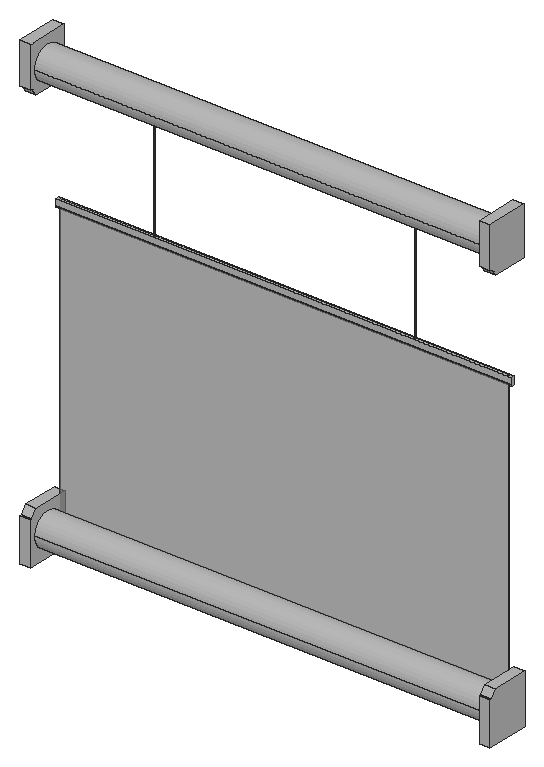
Revit family "Window_Shade-Draper-Bottom-Up_FlexShade", category Specialty Equipment, Revit 2026
Family settings
  Round Connector Dimension = Use Diameter
  Part Type = Normal
  Classification Number = 23.30.20.11
  Work Plane-Based = No
  Enable Cutting in Views = No
  Always vertical = Yes
  Cut with Voids When Loaded = No
  Maintain Annotation Orientation = No
  Shared = No
  Room Calculation Point = No
Parameters (values of type "Motorized")
  XD Clutch = no
  Width Constraint [instance] = if(Width > 12' 0", 12' 0", Width)  # 3' - 0"
  Width [instance] = 3' - 0"
  URL = "http://www.draperinc.com/index.asp"
  Top Square Fascia [instance] = yes
  Top Radius Fascia [instance] = if(or(Top Square Fascia, Top Pocket Headbox), 1 = 0, 1 = 1)  # no
  Top Brackets [instance] = yes
  Default Elevation = 0' - 0"
  CT Square Fascia [instance] = if(or(Top Brackets, Motorized Dual Roller), 1 = 0, Top Square Fascia)  # no
  CT Radius Fascia [instance] = if(or(Top Brackets, Motorized Dual Roller), 1 = 0, Top Radius Fascia)  # no
  CB Square Fascia [instance] = if(Bottom Brackets, 1 = 0, Bottom Square Fascia)  # no
  CB Radius Fascia [instance] = if(Bottom Brackets, 1 = 0, Bottom Radius Fascia)  # no
  Brackets = if(or(XD Clutch, Motorized), 1 = 1, 1 = 0)  # yes
  Single Roller [instance] = if(or(Motorized, XD Clutch), 1 = 1, 1 = 0)  # yes
  Top Pocket Headbox [instance] = yes
  CT Pocket Headbox [instance] = if(or(Top Square Fascia, Top Radius Fascia, Top Brackets, Motorized Dual Roller), 1 = 0, Top Pocket Headbox)  # no
  Bottom Square Fascia [instance] = yes
  Small Hardware [instance] = yes
  Bottom Radius Fascia [instance] = not(Bottom Square Fascia)  # no
  Motorized Dual Roller = no
  Motorized = yes
  Large Hardware [instance] = not(Small Hardware)  # no
  Height of Screen [instance] = 2' - 0"
  Depth = 0' - 0"
  Custom Sizes = "Custom Sizes are availabe in many shade fabrics dpending on the roller diameter."  # constant formula
  Continuous Chain = Metal - Draper - Black
  Cloth Width [instance] = Width Constraint - 0' 1 5/8"  # 2' - 10 3/8"
  Casing = Metal - Draper - Clear Anodized
  Product Page URL = "www.draperinc.com/go/BottomUp.htm"
  Product Name = "Bottom-Up FlexShade"  # constant formula
  Model = "FlexShade"  # constant formula
  Material = ""
  Manufacturer = "Draper"  # constant formula
  Shade Fabric = Fabric - Draper - Screen
  Fascia Height [instance] = if(Motorized Dual Roller, 0' 7", if(Small Hardware, 0' 3 15/16", 0' 4 11/16"))  # 0' - 3 15/16"
  Fascia Depth [instance] = if(Motorized Dual Roller, 0' 4 3/4", if(Small Hardware, 0' 3 7/16", 0' 4 11/16"))  # 0' - 3 7/16"
  Height Constraint [instance] = if(Height > 12' 0", 12' 0", Height)  # 3' - 0"
  Height [instance] = 3' - 0"
  Description = "Interior Window Shade"  # constant formula
  C Radius Fascia [instance] = if(Small Hardware, Bottom Radius Fascia, 1 = 0)  # no
  C Height of Screen [instance] = if(Height of Screen < 0' 2 5/8", 0' 2 5/8", if(Height of Screen > Height - 0' 2 5/8", Height - 0' 2 5/8", Height of Screen))  # 2' - 0"
  Pulleys [instance] = if(Motorized Dual Roller, 1 = 1, 1 = 0)  # no
  Bottom Brackets [instance] = yes
Types (4): name | XD Clutch | Brackets | Single Roller | Top Pocket Headbox | Small Hardware | Motorized Dual Roller | Motorized | Large Hardware | Product Page URL | Fascia Height | Fascia Depth | Pulleys
  (no name) | no | yes | yes | yes | yes | no | yes | no | "www.draperinc.com/go/BottomUp.htm" | 0' - 3 15/16" | 0' - 3 7/16" | no
  XD Clutch | yes | yes | yes | no | yes | no | no | no | "http://www.draperinc.com/WindowShades/shadeProducts.asp?detail=235" | 0' - 3 15/16" | 0' - 3 7/16" | no
  Motorized | no | yes | yes | yes | yes | no | yes | no | "www.draperinc.com/go/BottomUp.htm" | 0' - 3 15/16" | 0' - 3 7/16" | no
  Motorized Dual Roller | no | no | no | yes | no | yes | no | yes | "http://www.draperinc.com/WindowShades/shadeProducts.asp?detail=235" | 0' - 7" | 0' - 4 3/4" | yes
Reference planes (in)
  plane 1 "Center (Front/Back)": y = 0
  plane 2: z = 0
  plane 3 "Center (Left/Right)": x = 0
  plane 4: x = -18
  plane 5: x = 18
  plane 6: z = 36
  plane 7: z = 3.9375
  plane 8: z = 32.0625
  plane 9 "Front": y = -3.4375
  plane 10: z = 2
  plane 11: z = 34
  plane 12: x = -17.1875
  plane 13: x = 17.1875
  plane 14: z = 24
  plane 15: y = -0.84375
  plane 16: x = -10
  plane 17: x = 10
  plane 18: x = -10.25
  plane 19: x = -9.75
  plane 20: x = 10.25
  plane 21: x = 9.75
  plane 22: x = -17.4375
  plane 23: x = 17.4375
Forms (in)
  Extrusion 1, solid, material "Metal - Draper - Clear Anodized" <- "Casing", visible <- "Brackets"
    sketch origin (0, 0, 0) x (0, 1, 0) y (0, 0, 1)
      loop
        line (-3.3125, 32.73282) -> (-3.14668, 32.73282) -> (-2.76484, 32.1875) -> (-0.125, 32.1875) -> (-0.125, 35.875) -> (-3.3125, 35.875) -> (-3.3125, 32.73282)
    from -18 to -17.1875
  Extrusion 2, solid, material "Metal - Draper - Clear Anodized" <- "Casing", visible <- "CB Square Fascia"
    sketch origin (0, 0, 7) x (0, 1, 0) y (0, 0, 1)
      loop
        line (-3.3125, -7) -> (-3.3125, -3.1875) -> (-2.29167, -3.1875) -> (-2.29167, -3.0625) -> (-3.4375, -3.0625) -> (-3.4375, -7) -> (-3.3125, -7)
    from -18 to 18
  Extrusion 3, solid, material "Metal - Draper - Clear Anodized" <- "Casing", visible <- "CB Radius Fascia"
    sketch origin (0, 0, 7) x (0, 1, 0) y (0, 0, 1)
      loop
        line (-3.3125, -7) -> (-3.3125, -3.73282)
        arc (-3.3125, -3.73282) -> (-3.15278, -3.34722) -> (-2.76718, -3.1875) r 0.54532
        line (-2.76718, -3.1875) -> (-2.29167, -3.1875) -> (-2.29167, -3.0625) -> (-2.76718, -3.0625)
        arc (-2.76718, -3.0625) -> (-3.24117, -3.25883) -> (-3.4375, -3.73282) r 0.67032
        line (-3.4375, -3.73282) -> (-3.4375, -7) -> (-3.3125, -7)
    from -18 to 18
  Extrusion 4, solid, material "Metal - Draper - Clear Anodized" <- "Casing", visible <- "CT Square Fascia"
    sketch origin (0, 0, 29) x (0, 1, 0) y (0, 0, 1)
      loop
        line (-3.3125, 7) -> (-3.4375, 7) -> (-3.4375, 3.0625) -> (-2.29167, 3.0625) -> (-2.29167, 3.1875) -> (-3.3125, 3.1875) -> (-3.3125, 7)
    from -18 to 18
  Extrusion 5, solid, material "Metal - Draper - Clear Anodized" <- "Casing", visible <- "CT Radius Fascia"
    sketch origin (0, 0, 29) x (0, 1, 0) y (0, 0, 1)
      loop
        line (-3.3125, 7) -> (-3.4375, 7) -> (-3.4375, 3.73282)
        arc (-3.4375, 3.73282) -> (-3.24117, 3.25883) -> (-2.76718, 3.0625) r 0.67032
        line (-2.76718, 3.0625) -> (-2.29167, 3.0625) -> (-2.29167, 3.1875) -> (-2.76718, 3.1875)
        arc (-2.76718, 3.1875) -> (-3.15278, 3.34722) -> (-3.3125, 3.73282) r 0.54532
        line (-3.3125, 3.73282) -> (-3.3125, 7)
    from -18 to 18
  Extrusion 6, solid, material "Metal - Draper - Clear Anodized" <- "Casing"
    sketch origin (0, 0, 36) x (0, 1, 0) y (0, 0, 1)
      loop
        line (-3.3125, -32.73282) -> (-3.3125, -36) -> (0, -36) -> (0, -32.1875) -> (-2.76484, -32.1875) -> (-3.14668, -32.73282) -> (-3.3125, -32.73282)
    from -18 to -17.1875
  Extrusion 7, solid, material "Metal - Draper - Clear Anodized" <- "Casing", visible <- "Brackets"
    sketch origin (0, 0, 0) x (0, 1, 0) y (0, 0, 1)
      loop
        line (-0.125, 32.1875) -> (-0.125, 35.875) -> (-3.3125, 35.875) -> (-3.3125, 32.73282) -> (-3.14668, 32.73282) -> (-2.76484, 32.1875) -> (-0.125, 32.1875)
    from 17.1875 to 18
  Extrusion 8, solid, material "Metal - Draper - Clear Anodized" <- "Casing"
    sketch origin (0, 0, 0) x (0, 1, 0) y (0, 0, 1)
      loop
        line (-2.76484, 3.8125) -> (-3.14668, 3.26718) -> (-3.3125, 3.26718) -> (-3.3125, 0) -> (0, 0) -> (0, 3.8125) -> (-2.76484, 3.8125)
    from 17.1875 to 18
  Extrusion 9, solid, material "Metal - Draper - Clear Anodized" <- "Casing"
    sketch origin (0, 0, 29.75) x (0, 1, 0) y (0, 0, 1)
      loop
        circle (-1.71875, -27.75) r 1.25
    from -17.1875 to 17.1875
  Extrusion 10, solid, material "Metal - Draper - Clear Anodized" <- "Casing", visible <- "Single Roller"
    sketch origin (0, 0, 1.68843) x (0, 1, 0) y (0, 0, 1)
      loop
        line (-0.32813, 21.81157) -> (-0.32813, 22.31157) -> (-0.57813, 22.31157) -> (-0.57813, 21.81157)
        arc (-0.57813, 21.81157) -> (-0.45313, 21.68657) -> (-0.32813, 21.81157) r 0.125
    from -17.4375 to 17.4375
  Sweep 11, solid, material "Metal - Draper - Black" <- "Continuous Chain", visible <- "XD Clutch"
    path origin (17.4375, -180, 63.7492) x (0, 0, 1) y (0, -1, 0)
      loop
        line (-31.5617, -179.65625) -> (-56.1867, -179.65625)
        arc (-56.1867, -179.65625) -> (-56.8117, -179.03125) -> (-56.1867, -178.40625) r 0.625
        line (-56.1867, -178.40625) -> (-31.5617, -178.40625)
    profile origin (17.4375, -0.34375, 19.875) x (-1, 0, 0) y (0, -1, 0)
      loop
        circle (0, 0) r 0.03125
  Extrusion 12, solid, material "Fabric - Draper - Screen" <- "Shade Fabric", visible <- "Single Roller"
    sketch origin (0, 0, 0) x (0, 1, 0) y (0, 0, 1)
      loop
        line (-0.46875, 2) -> (-0.4375, 2) -> (-0.4375, 24) -> (-0.46875, 24) -> (-0.46875, 2)
    from -17.1875 to 17.1875
  Revolve 13, solid, material "Metal - Draper - Black" <- "Continuous Chain", visible <- "Single Roller"
    sketch origin (-10, -180, 63.7492) x (0, 0, 1) y (0, -1, 0)
      loop
        line (-39.7492, -179.54687) -> (-39.7492, -179.57812) -> (-29.7492, -179.57812) -> (-29.7492, -179.54687) -> (-39.7492, -179.54687)
      axis (-39.7492, -179.54687) -> (-29.7492, -179.54687)
    angle from 0 to 360
  Revolve 14, solid, material "Metal - Draper - Black" <- "Continuous Chain", visible <- "Single Roller"
    sketch origin (10, -180, 63.7492) x (0, 0, 1) y (0, -1, 0)
      loop
        line (-39.7492, -179.54687) -> (-39.7492, -179.57812) -> (-29.7492, -179.57812) -> (-29.7492, -179.54687) -> (-39.7492, -179.54687)
      axis (-39.7492, -179.54687) -> (-29.7492, -179.54687)
    angle from 0 to 360
  Extrusion 15, solid, material "Metal - Draper - Clear Anodized" <- "Casing", visible <- "CT Pocket Headbox"
    sketch origin (0, 0, 0) x (0, 1, 0) y (0, 0, 1)
      loop
        line (0, 32.0625) -> (0, 36) -> (-3.4375, 36) -> (-3.4375, 32.0625) -> (-2.29167, 32.0625) -> (-2.29167, 32.1875) -> (-3.3125, 32.1875) -> (-3.3125, 35.875) -> (-0.125, 35.875) -> (-0.125, 32.0625) -> (0, 32.0625)
    from -18 to 18
  Extrusion 16, solid, material "Metal - Draper - Clear Anodized" <- "Casing", visible <- "Single Roller"
    sketch origin (0, 0, 0) x (0, 1, 0) y (0, 0, 1)
      loop
        circle (-1.73405, 34) r 1.24967
    from -17.1875 to 17.1875
Lines and regions (in)
  Masking region 1
    outline origin (0, 0, 0) x (1, 0, 0) y (0, 1, 0)
      loop
        line (-18, 0) -> (-18, -3.4375) -> (18, -3.4375) -> (18, 0) -> (-18, 0)
Dimensions and locks (in)
  equal spacing: plane 5, plane 3 "Center (Left/Right)", plane 4
  "Width Constraint": plane 5 to plane 4
  "Height Constraint": plane 6 to plane 2
  "Fascia Depth": plane 1 "Center (Front/Back)" to plane 9 "Front"
  "Fascia Height": plane 7 to plane 2
  "Fascia Height": plane 6 to plane 8
  Extrusion 2 sketch curve to Extrusion 2 sketch curve to plane 9 "Front" = 0' - 1.02083" locked, 0' - 0 1/8" locked
  Extrusion 3 sketch curve to Extrusion 3 sketch curve to Extrusion 3 sketch curve to plane 7 = 0' - 0" locked, 0' - 0.54532" locked, 0' - 0 1/8" locked
  Extrusion 3 sketch curve to Extrusion 3 sketch curve to plane 9 "Front" = 0' - 1.02083" locked, 0' - 0 1/8" locked
  Extrusion 1 sketch curve to Extrusion 1 sketch curve to Extrusion 1 sketch curve to plane 9 "Front" = 0' - 0.38184" locked, 0' - 0.16582" locked, 0' - 0 1/8" locked
  Extrusion 1 sketch curve to Extrusion 1 sketch curve to plane 8 = 0' - 0.54532" locked, 0' - 0 1/8" locked
  Extrusion 4 sketch curve to Extrusion 4 sketch curve to plane 9 "Front" = 0' - 1.02083" locked, 0' - 0 1/8" locked
  Extrusion 5 sketch curve to Extrusion 5 sketch curve to Extrusion 5 sketch curve to plane 8 = 0' - 0" locked, 0' - 0.54532" locked, 0' - 0 1/8" locked
  Extrusion 5 sketch curve to Extrusion 5 sketch curve to plane 9 "Front" = 0' - 1.02083" locked, 0' - 0 1/8" locked
  Extrusion 6 sketch curve to Extrusion 6 sketch curve to Extrusion 6 sketch curve to plane 9 "Front" = 0' - 0.38184" locked, 0' - 0.16582" locked, 0' - 0 1/8" locked
  Extrusion 6 sketch curve to Extrusion 6 sketch curve to plane 7 = 0' - 0.54532" locked, 0' - 0 1/8" locked
  Extrusion 7 sketch curve to Extrusion 7 sketch curve to plane 8 = 0' - 0.54532" locked, 0' - 0 1/8" locked
  Extrusion 7 sketch curve to Extrusion 7 sketch curve to Extrusion 7 sketch curve to plane 9 "Front" = 0' - 0.38184" locked, 0' - 0.16582" locked, 0' - 0 1/8" locked
  Extrusion 8 sketch curve to Extrusion 8 sketch curve to Extrusion 8 sketch curve to plane 9 "Front" = 0' - 0.38184" locked, 0' - 0.16582" locked, 0' - 0 1/8" locked
  plane 7 to Extrusion 8 sketch curve to Extrusion 8 sketch curve = 0' - 0 1/8" locked, 0' - 0.54532" locked
  locked: plane 10 to plane 2 at 2
  locked: plane 6 to plane 11 at 2
  equal spacing: plane 13, plane 3 "Center (Left/Right)", plane 12
  "Cloth Width": plane 13 to plane 12
  locked: plane 1 "Center (Front/Back)" to plane 15 at 0.84375
  locked: plane 14 to Extrusion 10 sketch curve at 0.625
  locked: plane 16 to plane 4 at 8
  locked: plane 5 to plane 17 at 8
  plane 19 to plane 16 to plane 18 = 0' - 0 1/4" locked, 0' - 0 1/4" locked
  plane 20 to plane 17 to plane 21 = 0' - 0 1/4" locked, 0' - 0 1/4" locked
  locked: plane 12 to plane 22 at 0.25
  locked: plane 13 to plane 23 at 0.25
  "C Height of Screen": plane 14 to plane 2
  Sweep 11 sketch curve to plane 15 to Sweep 11 sketch curve = 0' - 0 3/4" locked, 0' - 0 1/2" locked
  locked: Sweep 11 sketch curve to plane 7 at 3
  locked: profile plane to Sweep 11 sketch curve at 0  (x2)
  locked: plane 10 to Extrusion 9 sketch curve at 0
  Extrusion 12 sketch curve to Extrusion 12 sketch curve to plane 15 = 0' - 0 1/32" locked, 0' - 0 3/8" locked
  Extrusion 10 sketch curve to Extrusion 10 sketch curve to plane 15 = 0' - 0 1/4" locked, 0' - 0 17/64" locked
  Revolve 13 sketch curve to Revolve 13 sketch curve to plane 15 = 0' - 0 1/32" locked, 0' - 0 25/64" locked
  Revolve 14 sketch curve to Revolve 14 sketch curve to plane 15 = 0' - 0 1/32" locked, 0' - 0 25/64" locked
  locked: plane 6 to Extrusion 1 sketch curve at 0.125
  locked: plane 1 "Center (Front/Back)" to Extrusion 1 sketch curve at 0.125
  locked: plane 1 "Center (Front/Back)" to Extrusion 15 sketch curve at 0.125
  Extrusion 15 sketch curve to Extrusion 15 sketch curve to plane 9 "Front" = 0' - 1.02083" locked, 0' - 0 1/8" locked
  locked: plane 6 to Extrusion 7 sketch curve at 0.125
  locked: plane 1 "Center (Front/Back)" to Extrusion 7 sketch curve at 0.125
  locked: plane 15 to Extrusion 9 sketch curve at 0.875
  locked: Extrusion 16 sketch curve to plane 11 at 0
  locked: plane 15 to Extrusion 16 sketch curve at 0.8903
  aligned and locked: plane 2 to level
  aligned and locked: plane 9 "Front" to Extrusion 5 sketch curve
  aligned and locked: plane 6 to Extrusion 5 sketch curve
  aligned and locked: Extrusion 5 sketch curve to plane 8
  aligned and locked: Extrusion 4 sketch curve to plane 8
  aligned and locked: plane 9 "Front" to Extrusion 4 sketch curve
  aligned and locked: plane 6 to Extrusion 4 sketch curve
  aligned and locked: plane 1 "Center (Front/Back)" to Extrusion 6 sketch curve
  aligned and locked: Extrusion 6 sketch curve to plane 2
  aligned and locked: Extrusion 2 sketch curve to plane 7
  aligned and locked: Extrusion 2 sketch curve to plane 9 "Front"
  aligned and locked: plane 2 to Extrusion 2 sketch curve
  aligned and locked: Extrusion 3 sketch curve to plane 9 "Front"
  aligned and locked: plane 2 to Extrusion 3 sketch curve
  aligned and locked: Extrusion 3 sketch curve to plane 7
  aligned and locked: Extrusion 6 to plane 4
  aligned and locked: Extrusion 1 to plane 4
  aligned and locked: Extrusion 8 sketch curve to plane 1 "Center (Front/Back)"
  aligned and locked: Extrusion 8 sketch curve to plane 2
  aligned and locked: plane 5 to Extrusion 7
  aligned and locked: plane 5 to Extrusion 8
  aligned and locked: plane 12 to Extrusion 6
  aligned and locked: plane 13 to Extrusion 8
  aligned and locked: plane 13 to Extrusion 7
  aligned and locked: plane 12 to Extrusion 1
  aligned and locked: Extrusion 9 to plane 12
  aligned and locked: Extrusion 9 to plane 13
  aligned and locked: plane 14 to Extrusion 10 sketch curve
  aligned and locked: Extrusion 10 to plane 22
  aligned and locked: Extrusion 10 to plane 23
  aligned and locked: plane 5 to Extrusion 2
  aligned and locked: plane 5 to Extrusion 3
  aligned and locked: Extrusion 2 to plane 4
  aligned and locked: Extrusion 3 to plane 4
  aligned and locked: Extrusion 5 to plane 4
  aligned and locked: Extrusion 4 to plane 4
  aligned and locked: plane 5 to Extrusion 5
  aligned and locked: plane 5 to Extrusion 4
  aligned and locked: Extrusion 12 sketch curve to plane 14
  aligned and locked: Extrusion 12 sketch curve to plane 10
  aligned and locked: Extrusion 12 to plane 12
  aligned and locked: Extrusion 12 to plane 13
  aligned and locked: plane 14 to Revolve 13 sketch curve
  aligned and locked: plane 11 to Revolve 13 sketch curve
  aligned and locked: plane 11 to Revolve 14 sketch curve
  aligned and locked: plane 14 to Revolve 14 sketch curve
  aligned and locked: Extrusion 15 sketch curve to plane 6
  aligned and locked: plane 1 "Center (Front/Back)" to Extrusion 15 sketch curve
  aligned and locked: plane 8 to Extrusion 15 sketch curve  (x2)
  aligned and locked: plane 5 to Extrusion 15
  aligned and locked: Extrusion 15 to plane 4
  aligned and locked: plane 15 to nested 1
  aligned and locked: plane 3 "Center (Left/Right)" to nested 1
  aligned and locked: Extrusion 16 to plane 12
  aligned and locked: Extrusion 16 to plane 13
  aligned and locked: Masking region 1 sketch curve to Extrusion 15  (x2)
  aligned and locked: nested 1 to Masking region 1 sketch curve
  aligned and locked: Masking region 1 sketch curve to Extrusion 2
Automatic sketch dimensions
  plane 7 to Extrusion 2 sketch curve = 0' - 0 1/8"
  plane 8 to Extrusion 4 sketch curve = 0' - 0 1/8"
  Sweep 11 sketch curve to plane 8 = 0' - 0 1/8"  (x2)
  Revolve 13 sketch curve to plane 15 = 0' - 0 25/64"
  Revolve 13 sketch curve to Revolve 13 sketch curve = 0' - 8"
  plane 6 to Revolve 13 sketch curve = 0' - 1.81157"
  plane 15 to Revolve 14 sketch curve = 0' - 0 25/64"
  Revolve 14 sketch curve to Revolve 14 sketch curve = 0' - 8"
  Revolve 14 sketch curve to plane 6 = 0' - 1.81157"
  Extrusion 15 sketch curve to plane 9 "Front" = 0' - 0"
  plane 8 to Extrusion 15 sketch curve = 0' - 0 1/8"
  Extrusion 15 sketch curve to plane 6 = 0' - 0 1/8"
  radius of Extrusion 9 sketch curve = 0' - 1 1/4"
  radius of Sweep 11 sketch curve = 0' - 0 1/32"
  radius of Extrusion 16 sketch curve = 0' - 1.24967"
Nested families (in)
  nested 1: "Double Roller" at (0, 0, 0), Width <- "Width Constraint", Height of Screen <- "C Height of Screen", Height <- "Height Constraint", type "Double Roller"
    with Width 3' - 0", Height of Screen 2' - 0", Height 3' - 0"
Definition of nested family "Double Roller"
  Parameters
    Width [instance] = 3' - 0"
    URL = "http://www.draperinc.com/index.asp"
    Screen Width = 2' - 10 3/8"
    Screen = none
    Motorized Dual Roller = no
    Height of Screen [instance] = 1' - 0"
    Product Page URL = "http://www.draperinc.com/WindowShades/shadeProducts.asp?detail=235"
    Product Name = "Bottom-Up FlexShade"  # constant formula
    Model = "FlexShade"  # constant formula
    Material = ""
    Manufacturer = "Draper"  # constant formula
    Height [instance] = 3' - 0"
    Description = "Interior Window Shade"  # constant formula
    Default Elevation = 0' - 0"
    Cords = none
    Casing = none
  Reference planes (in)
    plane 1 "Center (Front/Back)": y = 0
    plane 2: z = 0
    plane 3 "Center (Left/Right)": x = 0
    plane 4: x = -18
    plane 5: x = 18
    plane 6: z = 36
    plane 7: z = 7
    plane 8: z = 29
    plane 9 "Front": y = -4.75
    plane 10: z = 2
    plane 11: z = 34
    plane 12: x = -17.1875
    plane 13: x = 17.1875
    plane 14: z = 12
    plane 15: y = -0.84375
    plane 16: x = -10
    plane 17: x = 10
    plane 18: x = -10.25
    plane 19: x = -9.75
    plane 20: x = 10.25
    plane 21: x = 9.75
    plane 22: x = -17.4375
    plane 23: x = 17.4375
  Forms (in)
    Extrusion 1, solid, material <- "Casing", visible <- "Motorized Dual Roller"
      sketch origin (0, 0, 0) x (0, 1, 0) y (0, 0, 1)
        loop
          line (-1.51228, 36) -> (-1.22878, 35.50897)
          arc (-1.22878, 35.50897) -> (-1.01228, 35.38397) -> (-0.79577, 35.50897) r 0.25
          line (-0.79577, 35.50897) -> (-0.51228, 36) -> (-1.51228, 36)
      from -10.25 to -9.75
    Extrusion 2, solid, material <- "Casing", visible <- "Motorized Dual Roller"
      sketch origin (0, 0, 0) x (0, 1, 0) y (0, 0, 1)
        loop
          line (-1.51228, 36) -> (-1.22878, 35.50897)
          arc (-1.22878, 35.50897) -> (-1.01228, 35.38397) -> (-0.79577, 35.50897) r 0.25
          line (-0.79577, 35.50897) -> (-0.51228, 36) -> (-1.51228, 36)
      from 9.75 to 10.25
    Sweep 3, solid, material <- "Cords", visible <- "Motorized Dual Roller"
      path origin (-10, -180, 63.7492) x (0, 0, 1) y (0, -1, 0)
        loop
          line (-61.7492, -179.53125) -> (-28.07653, -179.21826)
      profile origin (-10, -0.62525, 18.83633) x (0, -0.999957, -0.009295) y (1, 0, 0)
        loop
          circle (0, 0) r 0.03125
    Extrusion 4, solid, material <- "Casing", visible <- "Motorized Dual Roller"
      sketch origin (0, 0, 0) x (0, 1, 0) y (0, 0, 1)
        loop
          circle (-3, 5) r 1.5
      from -17.1875 to 17.1875
    Extrusion 5, solid, material <- "Casing", visible <- "Motorized Dual Roller"
      sketch origin (0, -0.98554, -10.31157) x (0, 1, 0) y (0, 0, 1)
        loop
          line (-0.32813, 21.81157) -> (-0.32813, 22.31157) -> (-0.57813, 22.31157) -> (-0.57813, 21.81157)
          arc (-0.57813, 21.81157) -> (-0.45313, 21.68657) -> (-0.32813, 21.81157) r 0.125
      from -17.4375 to 17.4375
    Sweep 6, solid, material <- "Cords", visible <- "Motorized Dual Roller"
      path origin (-10, -180, 63.7492) x (0, 0, 1) y (0, -1, 0)
        loop
          line (-28.07682, -178.76876) -> (-51.7492, -178.56134)
      profile origin (-10, -1.33495, 23.83619) x (0, 0.999962, -0.008762) y (1, 0, 0)
        loop
          circle (0, 0) r 0.03125
    Extrusion 7, solid, material <- "Screen", visible <- "Motorized Dual Roller"
      sketch origin (0, 0, 0) x (0, 1, 0) y (0, 0, 1)
        loop
          line (-1.46991, 12) -> (-1.5, 5) -> (-1.46875, 5) -> (-1.43866, 12) -> (-1.46991, 12)
      from -17.1875 to 17.1875
    Sweep 8, solid, material <- "Cords", visible <- "Motorized Dual Roller"
      path origin (10, -180, 63.7492) x (0, 0, 1) y (0, -1, 0)
        loop
          line (-28.07682, -178.76876) -> (-51.7492, -178.56134)
      profile origin (10, -1.33495, 23.83619) x (0, -0.999962, 0.008762) y (-1, 0, 0)
        loop
          circle (0, 0) r 0.03125
    Sweep 9, solid, material <- "Cords", visible <- "Motorized Dual Roller"
      path origin (10, -180, 63.7492) x (0, 0, 1) y (0, -1, 0)
        loop
          line (-61.7492, -179.53125) -> (-28.07653, -179.21826)
      profile origin (10, -0.62525, 18.83633) x (0, 0.999957, 0.009295) y (-1, 0, 0)
        loop
          circle (0, 0) r 0.03125
  Dimensions and locks (in)
    equal spacing: plane 5, plane 3 "Center (Left/Right)", plane 4
    "Width": plane 5 to plane 4
    "Height": plane 6 to plane 2
    plane 1 "Center (Front/Back)" to plane 9 "Front" = 0' - 4 3/4"
    plane 7 to plane 2 = 0' - 7"
    plane 6 to plane 8 = 0' - 7"
    locked: plane 10 to plane 2 at 2
    locked: plane 6 to plane 11 at 2
    equal spacing: plane 13, plane 3 "Center (Left/Right)", plane 12
    "Screen Width": plane 13 to plane 12
    locked: plane 1 "Center (Front/Back)" to plane 15 at 0.84375
    locked: plane 16 to plane 4 at 8
    locked: plane 5 to plane 17 at 8
    plane 19 to plane 16 to plane 18 = 0' - 0 1/4" locked, 0' - 0 1/4" locked
    plane 20 to plane 17 to plane 21 = 0' - 0 1/4" locked, 0' - 0 1/4" locked
    locked: plane 6 to Extrusion 2 sketch curve at 0.61603
    locked: plane 6 to Extrusion 1 sketch curve at 0.61603
    locked: plane 12 to plane 22 at 0.25
    locked: plane 13 to plane 23 at 0.25
    "Height of Screen": plane 14 to plane 2
    Extrusion 2 sketch curve to Extrusion 2 sketch curve to Extrusion 2 sketch curve to Extrusion 2 sketch curve to plane 1 "Center (Front/Back)" = 0' - 0.28349" locked, 0' - 0.43301" locked, 0' - 0.28349" locked, 0' - 0.51228" locked
    Extrusion 1 sketch curve to Extrusion 1 sketch curve to Extrusion 1 sketch curve to Extrusion 1 sketch curve to plane 1 "Center (Front/Back)" = 0' - 0.28349" locked, 0' - 0.43301" locked, 0' - 0.28349" locked, 0' - 0.51228" locked
    locked: plane 6 to Sweep 3 sketch curve at 0.32734
    locked: Extrusion 4 sketch curve to plane 9 "Front" at 1.75
    locked: plane 7 to Extrusion 4 sketch curve at 2
    locked: Extrusion 5 sketch curve to Extrusion 5 sketch curve at 0.25
    locked: plane 6 to Sweep 6 sketch curve at 0.32763
    locked: plane 7 to Extrusion 7 sketch curve at 2
    aligned and locked: plane 2 to level
    aligned and locked: Extrusion 1 to plane 18
    aligned and locked: Extrusion 1 to plane 19
    aligned and locked: plane 6 to Extrusion 2 sketch curve
    aligned and locked: Extrusion 2 to plane 20
    aligned and locked: Extrusion 2 to plane 21
    aligned and locked: plane 10 to Sweep 3 sketch curve
    aligned and locked: plane 14 to Sweep 6 sketch curve
    aligned and locked: plane 14 to Extrusion 7 sketch curve
    aligned and locked: Extrusion 7 to plane 12
    aligned and locked: Extrusion 7 to plane 13
    aligned and locked: Extrusion 4 to plane 12
    aligned and locked: Extrusion 4 to plane 13
    aligned and locked: Extrusion 5 to plane 22
    aligned and locked: Extrusion 5 to plane 23
  Automatic sketch dimensions
    Extrusion 1 sketch curve to plane 6 = 0' - 0"
    plane 15 to Extrusion 1 sketch curve = 0' - 0.16853"
    Extrusion 1 sketch curve to plane 6 = 0' - 0.49103"
    Extrusion 2 sketch curve to plane 6 = 0' - 0.49103"
    Extrusion 2 sketch curve to Extrusion 2 sketch curve = 0' - 0.21651"
    Sweep 3 sketch curve to plane 15 = 0' - 0 3/8"
    Sweep 3 sketch curve to plane 15 = 0' - 0.06201"
    Sweep 3 sketch curve to plane 16 = 0' - 0"
    Sweep 3 sketch curve to profile plane = 0' - 0"
    Extrusion 5 sketch curve to plane 14 = 0' - 0"
    plane 15 to Extrusion 5 sketch curve = 0' - 0.71991"
    Extrusion 5 sketch curve to plane 14 = 0' - 0 1/2"
    plane 15 to Sweep 6 sketch curve = 0' - 0.38749"
    plane 15 to Sweep 6 sketch curve = 0' - 0.59491"
    Sweep 6 sketch curve to plane 16 = 0' - 0"
    Sweep 6 sketch curve to profile plane = 0' - 0"
    plane 15 to Extrusion 7 sketch curve = 0' - 0 21/32"
    plane 15 to Extrusion 7 sketch curve = 0' - 0.62616"
    Extrusion 7 sketch curve to Extrusion 7 sketch curve = 0' - 0 1/32"  (x2)
    profile plane to Sweep 8 sketch curve = 0' - 0"
    Sweep 8 sketch curve to profile plane = 0' - 0"
    profile plane to Sweep 9 sketch curve = 0' - 0"
    Sweep 9 sketch curve to profile plane = 0' - 0"
    Sweep 8 sketch curve to plane 14 = 0' - 0"
    plane 6 to Sweep 8 sketch curve = 0' - 0.32763"
    Sweep 8 sketch curve to plane 15 = 0' - 0.38749"
    Sweep 8 sketch curve to plane 15 = 0' - 0.59491"
    plane 10 to Sweep 9 sketch curve = 0' - 0"
    plane 15 to Sweep 9 sketch curve = 0' - 0.06201"
    plane 6 to Sweep 9 sketch curve = 0' - 0.32734"
    plane 15 to Sweep 9 sketch curve = 0' - 0 3/8"
    radius of Sweep 3 sketch curve = 0' - 0 1/32"
    radius of Extrusion 4 sketch curve = 0' - 1 1/2"
    radius of Sweep 6 sketch curve = 0' - 0 1/32"
    radius of Sweep 8 sketch curve = 0' - 0 1/32"
    radius of Sweep 9 sketch curve = 0' - 0 1/32"
